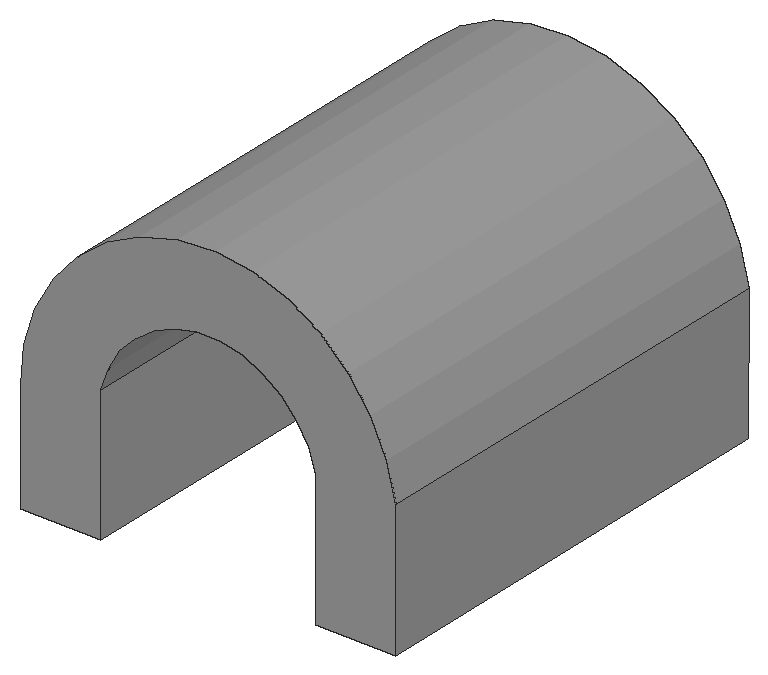
Revit family "Strut Clamp", category Pipe Accessories, Revit 2021
Family settings
  Round Connector Dimension = Use Diameter
  Part Type = Valve - Breaks Into
  Work Plane-Based = Yes
  Always vertical = No
  Cut with Voids When Loaded = No
  Shared = No
Parameters
  rad1 [instance] = rad + 0' 0.35433"  # 0' - 0.85433"
  lRad1 [instance] = rad1 - 0' 0.07874"  # 0' - 0.77559"
  dep [instance] = 2 * rad / 4.5  # 0' - 0.22222"
  rad [instance] = 0' - 0 1/2"
  Diameter [instance] = 0' - 1"
  Default Elevation = 4' - 0"
Reference planes (in)
  plane 1 "По центру (Вперед/Назад)": y = 0
  plane 2: z = 0
  plane 3 "По центру (Влево/Вправо)": x = 0
  plane 4 "Up": y = 1
  plane 5 "Down": y = -1
  plane 6: z = 0.11111
  plane 7: x = 3.2358
  plane 8: x = -3.2358
  plane 9: z = 0.47142
  plane 10: z = -0.5
  plane 11: z = 0.77559
Forms (in)
  Extrusion 1, solid, material "Default"
    sketch origin (0, 0, 0) x (1, 0, 0) y (0, 0, 1)
      loop
        line (0.4875, 0.11111) -> (0.4875, -0.5) -> (0.84707, -0.5) -> (0.84707, 0.11111)
        arc (0.84707, 0.11111) -> (-0.05567, 0.85251) -> (-0.85433, 0) r 0.85433
        line (-0.85433, 0) -> (-0.85433, -0.5) -> (-0.4875, -0.5) -> (-0.4875, 0.11111)
        arc (-0.4875, 0.11111) -> (0, 0.5) -> (0.4875, 0.11111) r 0.5
    from -1 to 1
Dimensions and locks (in)
  plane 5 "Down" to plane 1 "По центру (Вперед/Назад)" to plane 4 "Up" = 0' - 1" locked, 0' - 1" locked
  level to plane 6 = 0' - 0.11111"
  locked: plane 9 to plane 6 at 0.36031
  "lRad1": level to plane 11
  "rad": plane 10 to plane 2
  "rad": radius of Extrusion 1 sketch curve
  "rad1": radius of Extrusion 1 sketch curve
  aligned and locked: level to plane 2
  aligned and locked: level to Extrusion 1 sketch curve  (x2)
  aligned and locked: plane 4 "Up" to Extrusion 1
  aligned and locked: Extrusion 1 to plane 10  (x2)
Automatic sketch dimensions
  Extrusion 1 sketch curve to Extrusion 1 sketch curve = 0' - 0"
  Extrusion 1 sketch curve to plane 10 = 0' - 0"  (x2)
  Extrusion 1 sketch curve to plane 6 = 0' - 0"  (x3)
  Extrusion 1 sketch curve to plane 3 "По центру (Влево/Вправо)" = 0' - 0"
